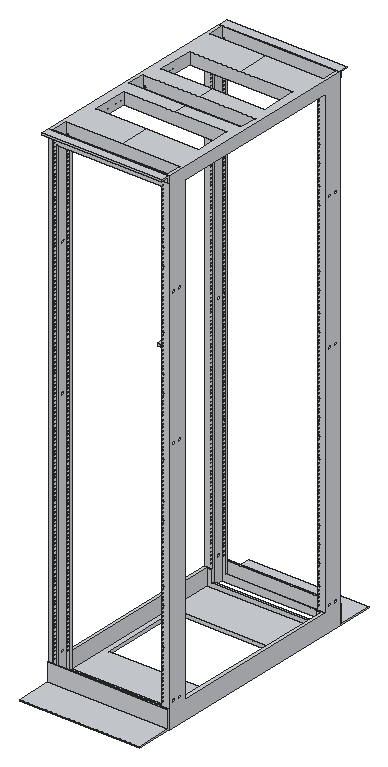
Revit family
Parameters
  Material ID = "760082560"
  Description = "36 IN (914 MM) D x 7 FT (2134 MM) H - 19 IN (482.6 MM) AI EQUIPMENT RACK(45U) 12-24 TAPPED RAILS, BLACK"
Reference planes (in)
  plane 1 "Center (Front/Back)": y = 0
  plane 2: z = 0
  plane 3 "Center (Left/Right)": x = 0
Forms (in)
  Extrusion 1, solid, not visible
    sketch origin (0, -14.305, 0) x (1, 0, 0) y (0, 0, 1)
      loop
        line (-8.5516, 0.86) -> (-8.5516, 0.46) -> (-7.9516, 0.46) -> (-7.9516, 0.86) -> (-8.5516, 0.86)
    from 0 to 0.77696
  Extrusion 2, solid
    sketch origin (0, 0, 0) x (1, 0, 0) y (0, 0, 1)
      loop
        line (-10.175, 42) -> (-10.175, -42) -> (10.175, -42) -> (10.175, 42) -> (0, 42) -> (-10.175, 42)
    from 0 to 36
  Extrusion 3, void
    sketch origin (0, 0, 0) x (1, 0, 0) y (0, 0, 1)
      loop
        line (-8.905, 40.00772) -> (-8.905, -40.8) -> (8.905, -40.8) -> (8.905, 40.00772) -> (-8.905, 40.00772)
    from 0 to 36
  Extrusion 4, void
    sketch origin (0, 0, 0) x (0, 1, 0) y (0, 0, 1)
      loop
        line (-3, 40.00772) -> (-32.79784, 40.00772) -> (-32.79784, -38.785) -> (-3, -38.785) -> (-3, 40.00772)
    from -31.70377 to 17.99623
  Extrusion 5, void
    sketch origin (0, 0, 0) x (0, 1, 0) y (0, 0, 1)
      loop
        line (-0.2, 59.72052) -> (-2.8, 59.72052) -> (-2.8, -66.46573) -> (-0.2, -66.46573) -> (-0.2, 59.72052)
    from -9.61605 to 9.71756
  Extrusion 6, void
    sketch origin (0, -29, 0) x (0, -1, 0) y (0, 0, -1)
      loop
        line (6.8, -59.72052) -> (6.8, 63.44959) -> (4.2, 63.44959) -> (4.2, -59.72052) -> (6.8, -59.72052)
    from -9.61605 to 9.71756
  Extrusion 7, solid
    sketch origin (0, 0, -12) x (0, 1, 0) y (0, 0, 1)
      loop
        line (-36, -29.985) -> (-36, -26.785) -> (-36.2, -26.785) -> (-36.2, -29.785) -> (-42.2, -29.785) -> (-42.2, -29.985) -> (-36, -29.985)
      loop
        line (-36, 54) -> (-37.575, 54) -> (-37.575, 53.8) -> (-36.2, 53.8) -> (-36.2, 52.94396) -> (-36, 52.94396) -> (-36, 54)
      loop
        line (0, 54) -> (0, 52.94396) -> (0.2, 52.94396) -> (0.2, 53.8) -> (1.575, 53.8) -> (1.575, 54) -> (0, 54)
      loop
        line (0, -30) -> (6.2, -30) -> (6.2, -29.8) -> (0.2, -29.8) -> (0.2, -26.8) -> (0, -26.8) -> (0, -30)
    from -10.155 to 10.155
  Extrusion 8, void
    sketch origin (0, 0, 0) x (1, 0, 0) y (0, 1, 0)
      loop
        line (8.81573, -8.15622) -> (-8.68427, -8.15622) -> (-8.68427, -14.15622) -> (8.81573, -14.15622) -> (8.81573, -8.15622)
      loop
        line (9.39397, -16.82974) -> (-9.60603, -16.82974) -> (-9.60603, -19.82974) -> (9.39397, -19.82974) -> (9.39397, -16.82974)
      loop
        line (8.81573, -22.04784) -> (-8.68427, -22.04784) -> (-8.68427, -28.04784) -> (8.81573, -28.04784) -> (8.81573, -22.04784)
    from 42.36078 to 16.10929
  Extrusion 9, void
    sketch origin (0, 0, 0) x (1, 0, 0) y (0, 1, 0)
      loop
        line (9.24608, -25.21462) -> (9.24608, -10.96462) -> (-8.75392, -10.96462) -> (-8.75392, -25.21462) -> (9.24608, -25.21462)
    from -52.54303 to 38.86972
  Extrusion 10, void
    sketch origin (0, 0, 0) x (0, 1, 0) y (0, 0, 1)
      loop
        circle (-33.875, 24.12) r 0.335
      loop
        circle (-35.125, 24.12) r 0.335
      loop
        circle (-0.875, 24.12) r 0.335
      loop
        circle (-2.125, 24.12) r 0.335
      loop
        circle (-33.875, 1.12) r 0.335
      loop
        circle (-35.125, 1.12) r 0.335
      loop
        circle (-0.875, 1.12) r 0.335
      loop
        circle (-2.125, 1.12) r 0.335
      loop
        circle (-33.875, -37.88) r 0.335
      loop
        circle (-35.125, -37.88) r 0.335
      loop
        circle (-0.875, -37.88) r 0.335
      loop
        circle (-2.125, -37.88) r 0.335
    from -24.88707 to 25.18322
  Extrusion 11, void
    sketch origin (0, 0, 0) x (1, 0, 0) y (0, 1, 0)
      loop
        line (-9.68285, -32.79784) -> (9.56715, -32.79784) -> (9.56715, -3.2) -> (-9.68285, -3.2) -> (-9.68285, -32.79784)
    from -41.49635 to -29.49635
  Extrusion 12, void
    sketch origin (0, 0, -12.25) x (1, 0, 0) y (0, 0, 1)
      loop
        circle (-9.175, 52.515) r 0.089
      loop
        circle (-9.175, 51.89) r 0.089
      loop
        circle (-9.175, 51.265) r 0.089
      loop
        circle (9.175, 52.515) r 0.089
      loop
        circle (9.175, 51.89) r 0.089
      loop
        circle (9.175, 51.265) r 0.089
    from 0 to 36
  Extrusion 13, void
    sketch origin (0, 0, -14) x (1, 0, 0) y (0, 0, 1)
      loop
        circle (-9.175, 52.515) r 0.089
      loop
        circle (-9.175, 51.89) r 0.089
      loop
        circle (-9.175, 51.265) r 0.089
      loop
        circle (9.175, 52.515) r 0.089
      loop
        circle (9.175, 51.89) r 0.089
      loop
        circle (9.175, 51.265) r 0.089
    from 0 to 36
  Extrusion 14, void
    sketch origin (0, 0, -15.75) x (1, 0, 0) y (0, 0, 1)
      loop
        circle (-9.175, 52.515) r 0.089
      loop
        circle (-9.175, 51.89) r 0.089
      loop
        circle (-9.175, 51.265) r 0.089
      loop
        circle (9.175, 52.515) r 0.089
      loop
        circle (9.175, 51.89) r 0.089
      loop
        circle (9.175, 51.265) r 0.089
    from 0 to 36
  Extrusion 15, void
    sketch origin (0, 0, -17.5) x (1, 0, 0) y (0, 0, 1)
      loop
        circle (-9.175, 52.515) r 0.089
      loop
        circle (-9.175, 51.89) r 0.089
      loop
        circle (-9.175, 51.265) r 0.089
      loop
        circle (9.175, 52.515) r 0.089
      loop
        circle (9.175, 51.89) r 0.089
      loop
        circle (9.175, 51.265) r 0.089
    from 0 to 36
  Extrusion 16, void
    sketch origin (0, 0, -19.25) x (1, 0, 0) y (0, 0, 1)
      loop
        circle (-9.175, 52.515) r 0.089
      loop
        circle (-9.175, 51.89) r 0.089
      loop
        circle (-9.175, 51.265) r 0.089
      loop
        circle (9.175, 52.515) r 0.089
      loop
        circle (9.175, 51.89) r 0.089
      loop
        circle (9.175, 51.265) r 0.089
    from 0 to 36
  Extrusion 17, void
    sketch origin (0, 0, -21) x (1, 0, 0) y (0, 0, 1)
      loop
        circle (-9.175, 52.515) r 0.089
      loop
        circle (-9.175, 51.89) r 0.089
      loop
        circle (-9.175, 51.265) r 0.089
      loop
        circle (9.175, 52.515) r 0.089
      loop
        circle (9.175, 51.89) r 0.089
      loop
        circle (9.175, 51.265) r 0.089
    from 0 to 36
  Extrusion 18, void
    sketch origin (0, 0, -22.75) x (1, 0, 0) y (0, 0, 1)
      loop
        circle (-9.175, 52.515) r 0.089
      loop
        circle (-9.175, 51.89) r 0.089
      loop
        circle (-9.175, 51.265) r 0.089
      loop
        circle (9.175, 52.515) r 0.089
      loop
        circle (9.175, 51.89) r 0.089
      loop
        circle (9.175, 51.265) r 0.089
    from 0 to 36
  Extrusion 19, void
    sketch origin (0, 0, -24.5) x (1, 0, 0) y (0, 0, 1)
      loop
        circle (-9.175, 52.515) r 0.089
      loop
        circle (-9.175, 51.89) r 0.089
      loop
        circle (-9.175, 51.265) r 0.089
      loop
        circle (9.175, 52.515) r 0.089
      loop
        circle (9.175, 51.89) r 0.089
      loop
        circle (9.175, 51.265) r 0.089
    from 0 to 36
  Extrusion 20, void
    sketch origin (0, 0, -26.25) x (1, 0, 0) y (0, 0, 1)
      loop
        circle (-9.175, 52.515) r 0.089
      loop
        circle (-9.175, 51.89) r 0.089
      loop
        circle (-9.175, 51.265) r 0.089
      loop
        circle (9.175, 52.515) r 0.089
      loop
        circle (9.175, 51.89) r 0.089
      loop
        circle (9.175, 51.265) r 0.089
    from 0 to 36
  Extrusion 21, void
    sketch origin (0, 0, -28) x (1, 0, 0) y (0, 0, 1)
      loop
        circle (-9.175, 52.515) r 0.089
      loop
        circle (-9.175, 51.89) r 0.089
      loop
        circle (-9.175, 51.265) r 0.089
      loop
        circle (9.175, 52.515) r 0.089
      loop
        circle (9.175, 51.89) r 0.089
      loop
        circle (9.175, 51.265) r 0.089
    from 0 to 36
  Extrusion 22, void
    sketch origin (0, 0, -29.75) x (1, 0, 0) y (0, 0, 1)
      loop
        circle (-9.175, 52.515) r 0.089
      loop
        circle (-9.175, 51.89) r 0.089
      loop
        circle (-9.175, 51.265) r 0.089
      loop
        circle (9.175, 52.515) r 0.089
      loop
        circle (9.175, 51.89) r 0.089
      loop
        circle (9.175, 51.265) r 0.089
    from 0 to 36
  Extrusion 23, void
    sketch origin (0, 0, -31.5) x (1, 0, 0) y (0, 0, 1)
      loop
        circle (-9.175, 52.515) r 0.089
      loop
        circle (-9.175, 51.89) r 0.089
      loop
        circle (-9.175, 51.265) r 0.089
      loop
        circle (9.175, 52.515) r 0.089
      loop
        circle (9.175, 51.89) r 0.089
      loop
        circle (9.175, 51.265) r 0.089
    from 0 to 36
  Extrusion 24, void
    sketch origin (0, 0, -33.25) x (1, 0, 0) y (0, 0, 1)
      loop
        circle (-9.175, 52.515) r 0.089
      loop
        circle (-9.175, 51.89) r 0.089
      loop
        circle (-9.175, 51.265) r 0.089
      loop
        circle (9.175, 52.515) r 0.089
      loop
        circle (9.175, 51.89) r 0.089
      loop
        circle (9.175, 51.265) r 0.089
    from 0 to 36
  Extrusion 25, void
    sketch origin (0, 0, -35) x (1, 0, 0) y (0, 0, 1)
      loop
        circle (-9.175, 52.515) r 0.089
      loop
        circle (-9.175, 51.89) r 0.089
      loop
        circle (-9.175, 51.265) r 0.089
      loop
        circle (9.175, 52.515) r 0.089
      loop
        circle (9.175, 51.89) r 0.089
      loop
        circle (9.175, 51.265) r 0.089
    from 0 to 36
  Extrusion 26, void
    sketch origin (0, 0, -36.75) x (1, 0, 0) y (0, 0, 1)
      loop
        circle (-9.175, 52.515) r 0.089
      loop
        circle (-9.175, 51.89) r 0.089
      loop
        circle (-9.175, 51.265) r 0.089
      loop
        circle (9.175, 52.515) r 0.089
      loop
        circle (9.175, 51.89) r 0.089
      loop
        circle (9.175, 51.265) r 0.089
    from 0 to 36
  Extrusion 27, void
    sketch origin (0, 0, -38.5) x (1, 0, 0) y (0, 0, 1)
      loop
        circle (-9.175, 52.515) r 0.089
      loop
        circle (-9.175, 51.89) r 0.089
      loop
        circle (-9.175, 51.265) r 0.089
      loop
        circle (9.175, 52.515) r 0.089
      loop
        circle (9.175, 51.89) r 0.089
      loop
        circle (9.175, 51.265) r 0.089
    from 0 to 36
  Extrusion 28, void
    sketch origin (0, 0, -40.25) x (1, 0, 0) y (0, 0, 1)
      loop
        circle (-9.175, 52.515) r 0.089
      loop
        circle (-9.175, 51.89) r 0.089
      loop
        circle (-9.175, 51.265) r 0.089
      loop
        circle (9.175, 52.515) r 0.089
      loop
        circle (9.175, 51.89) r 0.089
      loop
        circle (9.175, 51.265) r 0.089
    from 0 to 36
  Extrusion 29, void
    sketch origin (0, 0, -42) x (1, 0, 0) y (0, 0, 1)
      loop
        circle (-9.175, 52.515) r 0.089
      loop
        circle (-9.175, 51.89) r 0.089
      loop
        circle (-9.175, 51.265) r 0.089
      loop
        circle (9.175, 52.515) r 0.089
      loop
        circle (9.175, 51.89) r 0.089
      loop
        circle (9.175, 51.265) r 0.089
    from 0 to 36
  Extrusion 30, void
    sketch origin (0, 0, -43.75) x (1, 0, 0) y (0, 0, 1)
      loop
        circle (-9.175, 52.515) r 0.089
      loop
        circle (-9.175, 51.89) r 0.089
      loop
        circle (-9.175, 51.265) r 0.089
      loop
        circle (9.175, 52.515) r 0.089
      loop
        circle (9.175, 51.89) r 0.089
      loop
        circle (9.175, 51.265) r 0.089
    from 0 to 36
  Extrusion 31, void
    sketch origin (0, 0, -45.5) x (1, 0, 0) y (0, 0, 1)
      loop
        circle (-9.175, 52.515) r 0.089
      loop
        circle (-9.175, 51.89) r 0.089
      loop
        circle (-9.175, 51.265) r 0.089
      loop
        circle (9.175, 52.515) r 0.089
      loop
        circle (9.175, 51.89) r 0.089
      loop
        circle (9.175, 51.265) r 0.089
    from 0 to 36
  Extrusion 32, void
    sketch origin (0, 0, -47.25) x (1, 0, 0) y (0, 0, 1)
      loop
        circle (-9.175, 52.515) r 0.089
      loop
        circle (-9.175, 51.89) r 0.089
      loop
        circle (-9.175, 51.265) r 0.089
      loop
        circle (9.175, 52.515) r 0.089
      loop
        circle (9.175, 51.89) r 0.089
      loop
        circle (9.175, 51.265) r 0.089
    from 0 to 36
  Extrusion 33, void
    sketch origin (0, 0, -49) x (1, 0, 0) y (0, 0, 1)
      loop
        circle (-9.175, 52.515) r 0.089
      loop
        circle (-9.175, 51.89) r 0.089
      loop
        circle (-9.175, 51.265) r 0.089
      loop
        circle (9.175, 52.515) r 0.089
      loop
        circle (9.175, 51.89) r 0.089
      loop
        circle (9.175, 51.265) r 0.089
    from 0 to 36
  Extrusion 34, void
    sketch origin (0, 0, -50.75) x (1, 0, 0) y (0, 0, 1)
      loop
        circle (-9.175, 52.515) r 0.089
      loop
        circle (-9.175, 51.89) r 0.089
      loop
        circle (-9.175, 51.265) r 0.089
      loop
        circle (9.175, 52.515) r 0.089
      loop
        circle (9.175, 51.89) r 0.089
      loop
        circle (9.175, 51.265) r 0.089
    from 0 to 36
  Extrusion 35, void
    sketch origin (0, 0, -52.5) x (1, 0, 0) y (0, 0, 1)
      loop
        circle (-9.175, 52.515) r 0.089
      loop
        circle (-9.175, 51.89) r 0.089
      loop
        circle (-9.175, 51.265) r 0.089
      loop
        circle (9.175, 52.515) r 0.089
      loop
        circle (9.175, 51.89) r 0.089
      loop
        circle (9.175, 51.265) r 0.089
    from 0 to 36
  Extrusion 36, void
    sketch origin (0, 0, -54.25) x (1, 0, 0) y (0, 0, 1)
      loop
        circle (-9.175, 52.515) r 0.089
      loop
        circle (-9.175, 51.89) r 0.089
      loop
        circle (-9.175, 51.265) r 0.089
      loop
        circle (9.175, 52.515) r 0.089
      loop
        circle (9.175, 51.89) r 0.089
      loop
        circle (9.175, 51.265) r 0.089
    from 0 to 36
  Extrusion 37, void
    sketch origin (0, 0, -56) x (1, 0, 0) y (0, 0, 1)
      loop
        circle (-9.175, 52.515) r 0.089
      loop
        circle (-9.175, 51.89) r 0.089
      loop
        circle (-9.175, 51.265) r 0.089
      loop
        circle (9.175, 52.515) r 0.089
      loop
        circle (9.175, 51.89) r 0.089
      loop
        circle (9.175, 51.265) r 0.089
    from 0 to 36
  Extrusion 38, void
    sketch origin (0, 0, -57.75) x (1, 0, 0) y (0, 0, 1)
      loop
        circle (-9.175, 52.515) r 0.089
      loop
        circle (-9.175, 51.89) r 0.089
      loop
        circle (-9.175, 51.265) r 0.089
      loop
        circle (9.175, 52.515) r 0.089
      loop
        circle (9.175, 51.89) r 0.089
      loop
        circle (9.175, 51.265) r 0.089
    from 0 to 36
  Extrusion 39, void
    sketch origin (0, 0, -59.5) x (1, 0, 0) y (0, 0, 1)
      loop
        circle (-9.175, 52.515) r 0.089
      loop
        circle (-9.175, 51.89) r 0.089
      loop
        circle (-9.175, 51.265) r 0.089
      loop
        circle (9.175, 52.515) r 0.089
      loop
        circle (9.175, 51.89) r 0.089
      loop
        circle (9.175, 51.265) r 0.089
    from 0 to 36
  Extrusion 40, void
    sketch origin (0, 0, -61.25) x (1, 0, 0) y (0, 0, 1)
      loop
        circle (-9.175, 52.515) r 0.089
      loop
        circle (-9.175, 51.89) r 0.089
      loop
        circle (-9.175, 51.265) r 0.089
      loop
        circle (9.175, 52.515) r 0.089
      loop
        circle (9.175, 51.89) r 0.089
      loop
        circle (9.175, 51.265) r 0.089
    from 0 to 36
  Extrusion 41, void
    sketch origin (0, 0, -63) x (1, 0, 0) y (0, 0, 1)
      loop
        circle (-9.175, 52.515) r 0.089
      loop
        circle (-9.175, 51.89) r 0.089
      loop
        circle (-9.175, 51.265) r 0.089
      loop
        circle (9.175, 52.515) r 0.089
      loop
        circle (9.175, 51.89) r 0.089
      loop
        circle (9.175, 51.265) r 0.089
    from 0 to 36
  Extrusion 42, void
    sketch origin (0, 0, -64.75) x (1, 0, 0) y (0, 0, 1)
      loop
        circle (-9.175, 52.515) r 0.089
      loop
        circle (-9.175, 51.89) r 0.089
      loop
        circle (-9.175, 51.265) r 0.089
      loop
        circle (9.175, 52.515) r 0.089
      loop
        circle (9.175, 51.89) r 0.089
      loop
        circle (9.175, 51.265) r 0.089
    from 0 to 36
  Extrusion 43, void
    sketch origin (0, 0, -66.5) x (1, 0, 0) y (0, 0, 1)
      loop
        circle (-9.175, 52.515) r 0.089
      loop
        circle (-9.175, 51.89) r 0.089
      loop
        circle (-9.175, 51.265) r 0.089
      loop
        circle (9.175, 52.515) r 0.089
      loop
        circle (9.175, 51.89) r 0.089
      loop
        circle (9.175, 51.265) r 0.089
    from 0 to 36
  Extrusion 44, void
    sketch origin (0, 0, -68.25) x (1, 0, 0) y (0, 0, 1)
      loop
        circle (-9.175, 52.515) r 0.089
      loop
        circle (-9.175, 51.89) r 0.089
      loop
        circle (-9.175, 51.265) r 0.089
      loop
        circle (9.175, 52.515) r 0.089
      loop
        circle (9.175, 51.89) r 0.089
      loop
        circle (9.175, 51.265) r 0.089
    from 0 to 36
  Extrusion 45, void
    sketch origin (0, 0, -70) x (1, 0, 0) y (0, 0, 1)
      loop
        circle (-9.175, 52.515) r 0.089
      loop
        circle (-9.175, 51.89) r 0.089
      loop
        circle (-9.175, 51.265) r 0.089
      loop
        circle (9.175, 52.515) r 0.089
      loop
        circle (9.175, 51.89) r 0.089
      loop
        circle (9.175, 51.265) r 0.089
    from 0 to 36
  Extrusion 46, void
    sketch origin (0, 0, -71.75) x (1, 0, 0) y (0, 0, 1)
      loop
        circle (-9.175, 52.515) r 0.089
      loop
        circle (-9.175, 51.89) r 0.089
      loop
        circle (-9.175, 51.265) r 0.089
      loop
        circle (9.175, 52.515) r 0.089
      loop
        circle (9.175, 51.89) r 0.089
      loop
        circle (9.175, 51.265) r 0.089
    from 0 to 36
  Extrusion 47, void
    sketch origin (0, 0, -73.5) x (1, 0, 0) y (0, 0, 1)
      loop
        circle (-9.175, 52.515) r 0.089
      loop
        circle (-9.175, 51.89) r 0.089
      loop
        circle (-9.175, 51.265) r 0.089
      loop
        circle (9.175, 52.515) r 0.089
      loop
        circle (9.175, 51.89) r 0.089
      loop
        circle (9.175, 51.265) r 0.089
    from 0 to 36
  Extrusion 48, void
    sketch origin (0, 0, -75.25) x (1, 0, 0) y (0, 0, 1)
      loop
        circle (-9.175, 52.515) r 0.089
      loop
        circle (-9.175, 51.89) r 0.089
      loop
        circle (-9.175, 51.265) r 0.089
      loop
        circle (9.175, 52.515) r 0.089
      loop
        circle (9.175, 51.89) r 0.089
      loop
        circle (9.175, 51.265) r 0.089
    from 0 to 36
  Extrusion 49, void
    sketch origin (0, 0, -77) x (1, 0, 0) y (0, 0, 1)
      loop
        circle (-9.175, 52.515) r 0.089
      loop
        circle (-9.175, 51.89) r 0.089
      loop
        circle (-9.175, 51.265) r 0.089
      loop
        circle (9.175, 52.515) r 0.089
      loop
        circle (9.175, 51.89) r 0.089
      loop
        circle (9.175, 51.265) r 0.089
    from 0 to 36
  Extrusion 50, void
    sketch origin (0, 0, -78.75) x (1, 0, 0) y (0, 0, 1)
      loop
        circle (-9.175, 52.515) r 0.089
      loop
        circle (-9.175, 51.89) r 0.089
      loop
        circle (-9.175, 51.265) r 0.089
      loop
        circle (9.175, 52.515) r 0.089
      loop
        circle (9.175, 51.89) r 0.089
      loop
        circle (9.175, 51.265) r 0.089
    from 0 to 36
  Extrusion 51, void
    sketch origin (0, 0, -80.5) x (1, 0, 0) y (0, 0, 1)
      loop
        circle (-9.175, 52.515) r 0.089
      loop
        circle (-9.175, 51.89) r 0.089
      loop
        circle (-9.175, 51.265) r 0.089
      loop
        circle (9.175, 52.515) r 0.089
      loop
        circle (9.175, 51.89) r 0.089
      loop
        circle (9.175, 51.265) r 0.089
    from 0 to 36
  Extrusion 52, void
    sketch origin (0, 0, -82.25) x (1, 0, 0) y (0, 0, 1)
      loop
        circle (-9.175, 52.515) r 0.089
      loop
        circle (-9.175, 51.89) r 0.089
      loop
        circle (-9.175, 51.265) r 0.089
      loop
        circle (9.175, 52.515) r 0.089
      loop
        circle (9.175, 51.89) r 0.089
      loop
        circle (9.175, 51.265) r 0.089
    from 0 to 36
  Extrusion 53, void
    sketch origin (0, 0, -84) x (1, 0, 0) y (0, 0, 1)
      loop
        circle (-9.175, 52.515) r 0.089
      loop
        circle (-9.175, 51.89) r 0.089
      loop
        circle (-9.175, 51.265) r 0.089
      loop
        circle (9.175, 52.515) r 0.089
      loop
        circle (9.175, 51.89) r 0.089
      loop
        circle (9.175, 51.265) r 0.089
    from 0 to 36
  Extrusion 54, void
    sketch origin (0, 0, -85.75) x (1, 0, 0) y (0, 0, 1)
      loop
        circle (-9.175, 52.515) r 0.089
      loop
        circle (-9.175, 51.89) r 0.089
      loop
        circle (-9.175, 51.265) r 0.089
      loop
        circle (9.175, 52.515) r 0.089
      loop
        circle (9.175, 51.89) r 0.089
      loop
        circle (9.175, 51.265) r 0.089
    from 0 to 36
  Extrusion 55, void
    sketch origin (0, 0, -87.5) x (1, 0, 0) y (0, 0, 1)
      loop
        circle (-9.175, 52.515) r 0.089
      loop
        circle (-9.175, 51.89) r 0.089
      loop
        circle (-9.175, 51.265) r 0.089
      loop
        circle (9.175, 52.515) r 0.089
      loop
        circle (9.175, 51.89) r 0.089
      loop
        circle (9.175, 51.265) r 0.089
    from 0 to 36
  Extrusion 56, void
    sketch origin (0, 0, -89.25) x (1, 0, 0) y (0, 0, 1)
      loop
        circle (-9.175, 52.515) r 0.089
      loop
        circle (-9.175, 51.89) r 0.089
      loop
        circle (-9.175, 51.265) r 0.089
      loop
        circle (9.175, 52.515) r 0.089
      loop
        circle (9.175, 51.89) r 0.089
      loop
        circle (9.175, 51.265) r 0.089
    from 0 to 36
Cuts and joins
  Extrusion 3, Extrusion 4, Extrusion 5, Extrusion 6, Extrusion 8, Extrusion 9, Extrusion 10, Extrusion 11, Extrusion 12, Extrusion 13, Extrusion 14, Extrusion 15, Extrusion 16, Extrusion 17, Extrusion 18, Extrusion 19, Extrusion 20, Extrusion 21, Extrusion 22, Extrusion 23, Extrusion 24, Extrusion 25, Extrusion 26, Extrusion 27, Extrusion 28, Extrusion 29, Extrusion 30, Extrusion 31, Extrusion 32, Extrusion 33, Extrusion 34, Extrusion 35, Extrusion 36, Extrusion 37, Extrusion 38, Extrusion 39, Extrusion 40, Extrusion 41, Extrusion 42, Extrusion 43, Extrusion 44, Extrusion 45, Extrusion 46, Extrusion 47, Extrusion 48, Extrusion 49, Extrusion 50, Extrusion 51, Extrusion 52, Extrusion 53, Extrusion 54, Extrusion 55, Extrusion 56 cuts Extrusion 2
  Extrusion 8, Extrusion 9, Extrusion 10, Extrusion 11, Extrusion 12, Extrusion 13, Extrusion 14, Extrusion 15, Extrusion 16, Extrusion 17, Extrusion 18, Extrusion 19, Extrusion 20, Extrusion 21, Extrusion 22, Extrusion 23, Extrusion 24, Extrusion 25, Extrusion 26, Extrusion 27, Extrusion 28, Extrusion 29, Extrusion 30, Extrusion 31, Extrusion 32, Extrusion 33, Extrusion 34, Extrusion 35, Extrusion 36, Extrusion 37, Extrusion 38, Extrusion 39, Extrusion 40, Extrusion 41, Extrusion 42, Extrusion 43, Extrusion 44, Extrusion 45, Extrusion 46, Extrusion 47, Extrusion 48, Extrusion 49, Extrusion 50, Extrusion 51, Extrusion 52, Extrusion 53, Extrusion 54, Extrusion 55, Extrusion 56 cuts Extrusion 7
